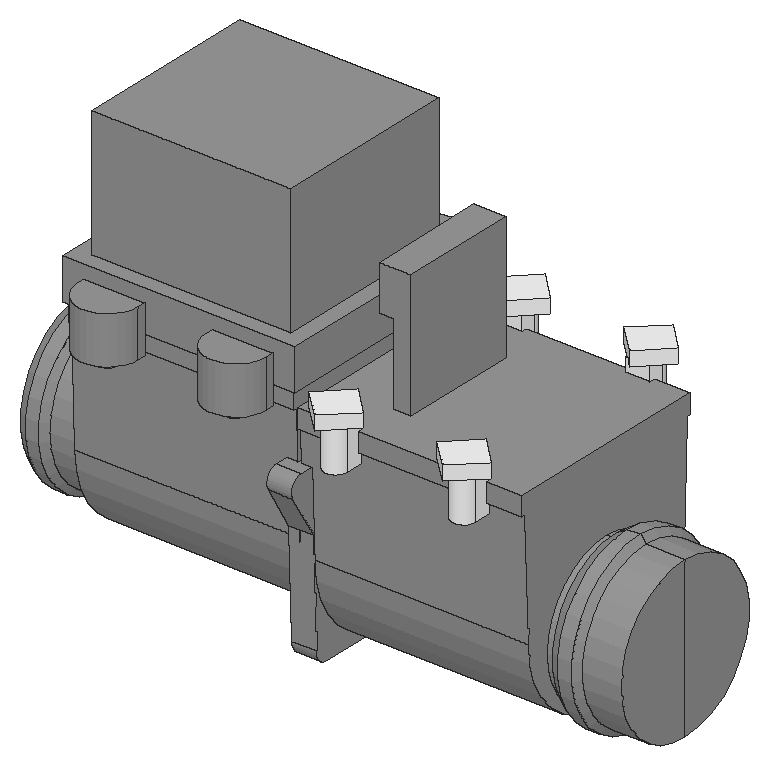
Revit family "HL_Механический канализационный затвор_HL712.2EPC", category Příslušenství trubek, Revit 2016
Family settings
  Typ součásti = Normální
  Kóta kulaté spojky = Použít průměr
  Číslo OmniClass = 23.65.55.14.21
  Nadpis OmniClass = Non-Return Valves for Liquid Services
  Založené na pracovní rovině = Ne
  Vždy vertikální = Ano
  Ořezat dutým tvarem při načtení = Ne
  Sdílené = Ne
Parameters
  РАЗМЕР = "DN125"
  ПРОПУСКНАЯ СПОСОБНОСТЬ [instance] = 0.0 m³/h
  ПРАВОВАЯ ИНФОРМАЦИЯ = "\"Copyright (©), design rights or any other intellectual property rights, shall be the exclusive property of HL Hutterer & Lechner GmbH. Modification is not allowed. Family has been watermarked.\""
  ПАДЕНИЕ ДАВЛЕНИЯ [instance] = 0.0 Pa
  НОМИНАЛЬНЫЙ ДИАМЕТР 2 = 125 mm
  НОМИНАЛЬНЫЙ ДИАМЕТР = 125 mm
  МАТЕРИАЛ = "ABS"
  ВЫСОТА МОНТАЖА = "354 mm"
  ВЕС = "6,189 kg"
  Výrobce = "HL Hutterer & Lechner GmbH"
  URL = "http://www.hutterer-lechner.com/en/products/catalog/roof-drains/HL712.2EPC.aspx"
  Description = "Anti flood valves"
  Model = "HL712.2EPC"
  Type Comments = "anti-flood valve DN125 with electronically controlled flap, additional stainless steel flap and manual blocking. With interface"
  Keynote = "HL712.2EPC"
  EAN = "9003076008483"
  Cena = 0
Types (2, lengths in mm): name | ПРАВОВАЯ ИНФОРМАЦИЯ | URL | Description | Type Comments
  (no name) | "\"Copyright (©), design rights or any other intellectual property rights, shall be the exclusive property of HL Hutterer & Lechner GmbH. Modification is not allowed. Family has been watermarked.\"" | "http://www.hutterer-lechner.com/en/products/catalog/roof-drains/HL712.2EPC.aspx" | "Anti flood valves" | "anti-flood valve DN125 with electronically controlled flap, additional stainless steel flap and manual blocking. With interface"
  HL_Механический канализационный затвор_HL712.2EPC | "\"Авторские права(©), права на дизайн или какие либо другие права интелектуальной собственности являются исключительной собственностью компании HL Hutterer & Lechner. Изменению не подлежит. Файл семейства с данными о прозводителе изделия защищен паролем с водяным знаком.\"" | "http://www.hutterer-lechner.com/ru/products/catalog/roof-drains/HL712.2EPC.aspx" | "Механический канализационный затвор" | "Механический магистральный канализационный затвор DN125 с электроприводной заслонкой, с дополнительной заслонкой из нержавеющей стали и ручным затвором . С возможностью подключения к компьютеру."
Reference planes
  plane 1 "Střed (vpředu/vzadu)": y = 0
  plane 2: z = 0
  plane 3 "Střed (vlevo/vpravo)": x = 0
Forms (mm)
  Sweep 1, solid, material "Plastic - Orange", detail levels fine
    path origin (292.29, 0, 107.38) x (1, 0, 0) y (0, 1, 0)
      loop
        line (94.75, 0) -> (-94.75, 0)
    profile origin (292.29, 0, 107.38) x (0, -1, 0) y (0, 0, 1)
      loop
        line (0, 0) -> (-88.191, 0) -> (-88.191, -16) -> (-85.007, -16) -> (-81.547, -115.07)
        arc (-81.547, -115.07) -> (-58.136, -173.311) -> (0, -196.982) r 80.412
        arc (0, -196.982) -> (58.136, -173.311) -> (81.547, -115.07) r 80.412
        line (81.547, -115.07) -> (85.007, -16) -> (88.191, -16) -> (88.191, 0) -> (0, 0)
  Extrusion 2, solid, material "Plactic - White", detail levels fine
    sketch origin (292.29, 0, 107.38) x (1, 0, 0) y (0, 1, 0)
      loop
        line (54, -121.127) -> (76.627, -98.5) -> (54, -75.873) -> (31.373, -98.5) -> (54, -121.127)
    from 11.235 to 23.235
  Extrusion 3, solid, material "Plactic - White", detail levels fine
    sketch origin (292.29, 0, 118.615) x (0, 1, 0) y (1, 0, 0)
      loop
        arc (-98.5, 64) -> (-108.5, 54) -> (-98.5, 44) r 10
        line (-98.5, 44) -> (-84.694, 44) -> (-84.694, 64) -> (-98.5, 64)
    from 0 to 37.235
  Extrusion 4, solid, material "Plactic - White", detail levels fine
    sketch origin (184.29, 0, 107.38) x (1, 0, 0) y (0, 1, 0)
      loop
        line (54, -121.127) -> (76.627, -98.5) -> (54, -75.873) -> (31.373, -98.5) -> (54, -121.127)
    from 11.235 to 23.235
  Extrusion 5, solid, material "Plactic - White", detail levels fine
    sketch origin (184.29, 0, 118.615) x (0, 1, 0) y (1, 0, 0)
      loop
        arc (-98.5, 64) -> (-108.5, 54) -> (-98.5, 44) r 10
        line (-98.5, 44) -> (-84.694, 44) -> (-84.694, 64) -> (-98.5, 64)
    from 0 to 37.235
  Extrusion 6, solid, material "Plactic - White", detail levels fine
    sketch origin (292.29, 0, 107.38) x (1, 0, 0) y (0, 1, 0)
      loop
        line (54, 121.127) -> (31.373, 98.5) -> (54, 75.873) -> (76.627, 98.5) -> (54, 121.127)
    from 11.235 to 23.235
  Extrusion 7, solid, material "Plactic - White", detail levels fine
    sketch origin (292.29, 0, 118.615) x (0, -1, 0) y (1, 0, 0)
      loop
        arc (-98.5, 64) -> (-108.5, 54) -> (-98.5, 44) r 10
        line (-98.5, 44) -> (-84.694, 44) -> (-84.694, 64) -> (-98.5, 64)
    from 0 to 37.235
  Extrusion 8, solid, material "Plactic - White", detail levels fine
    sketch origin (184.29, 0, 107.38) x (1, 0, 0) y (0, 1, 0)
      loop
        line (54, 121.127) -> (31.373, 98.5) -> (54, 75.873) -> (76.627, 98.5) -> (54, 121.127)
    from 11.235 to 23.235
  Extrusion 9, solid, material "Plactic - White", detail levels fine
    sketch origin (184.29, 0, 118.615) x (0, 1, 0) y (1, 0, 0)
      loop
        line (98.5, 64) -> (84.694, 64) -> (84.694, 44) -> (98.5, 44)
        arc (98.5, 44) -> (108.5, 54) -> (98.5, 64) r 10
    from 0 to 37.235
  Revolve 10, solid, material "Plastic - Orange", not visible, detail levels fine
    sketch origin (296.226, 0, 105.333) x (1, 0, 0) y (0, 0, 1)
      loop
        line (157.469, -128.5) -> (90.814, -128.5) -> (90.814, -191) -> (157.469, -191) -> (157.469, -128.5)
      axis (157.469, -128.5) -> (90.814, -128.5)
    angle from 0 to 360
  Extrusion 11, solid, material "Plastic - Red", detail levels fine
    sketch origin (296.226, 0, 107.38) x (1, 0, 0) y (0, 0, 1)
      loop
        line (-60.186, 106.5) -> (-60.186, 68.5) -> (-47.686, 68.5) -> (-47.686, 0) -> (-33.686, 0) -> (-33.686, 106.5) -> (-60.186, 106.5)
    from -50 to 50
  Sweep 12, solid, material "Plastic - Orange", detail levels fine
    path origin (99.75, 0, 120.38) x (1, 0, 0) y (0, 1, 0)
      loop
        line (94.75, 0) -> (-94.75, 0)
    profile origin (99.75, 0, 120.38) x (0, -1, 0) y (0, 0, 1)
      loop
        line (0, 0) -> (-88.191, 0) -> (-88.191, -16) -> (-85.007, -16) -> (-81.547, -115.07)
        arc (-81.547, -115.07) -> (-58.136, -173.311) -> (0, -196.982) r 80.412
        arc (0, -196.982) -> (58.136, -173.311) -> (81.547, -115.07) r 80.412
        line (81.547, -115.07) -> (85.007, -16) -> (88.191, -16) -> (88.191, 0) -> (0, 0)
  Extrusion 13, solid, material "Plastic - Orange", detail levels fine
    sketch origin (99.75, 0, 131.615) x (0, 1, 0) y (1, 0, 0)
      loop
        arc (-98.5, 64) -> (-108.5, 54) -> (-98.5, 44) r 10
        line (-98.5, 44) -> (-84.694, 44) -> (-84.694, 64) -> (-98.5, 64)
    from 0 to 37.235
  Extrusion 14, solid, material "Plastic - Orange", detail levels fine
    sketch origin (-8.25, 0, 131.615) x (0, 1, 0) y (1, 0, 0)
      loop
        arc (-98.5, 64) -> (-108.5, 54) -> (-98.5, 44) r 10
        line (-98.5, 44) -> (-84.694, 44) -> (-84.694, 64) -> (-98.5, 64)
    from 0 to 37.235
  Extrusion 15, solid, material "Plastic - Orange", detail levels fine
    sketch origin (99.75, 0, 131.615) x (0, 1, 0) y (1, 0, 0)
      loop
        arc (-98.5, 64) -> (-108.5, 54) -> (-98.5, 44) r 10
        line (-98.5, 44) -> (-84.694, 44) -> (-84.694, 64) -> (-98.5, 64)
    from 0 to 37.235
  Revolve 16, solid, material "Plastic - Orange", detail levels fine
    sketch origin (103.686, 0, 113.4) x (1, 0, 0) y (0, 0, 1)
      loop
        line (-156.6, -113.4) -> (-156.6, -180.418) -> (-147.791, -186.042) -> (-136.164, -186.448) -> (-131.953, -180.418) -> (-98.686, -180.418) -> (-98.686, -113.4) -> (-156.6, -113.4)
      axis (-98.686, -113.4) -> (-156.6, -113.4)
    angle from 0 to 360
  Extrusion 17, solid, material "Plastic - Orange", detail levels fine
    sketch origin (99.75, 0, 131.615) x (0, 1, 0) y (1, 0, 0)
      loop
        line (98.5, 64) -> (84.694, 64) -> (84.694, 44) -> (98.5, 44)
        arc (98.5, 44) -> (108.5, 54) -> (98.5, 64) r 10
    from 0 to 37.235
  Extrusion 18, solid, material "Plastic - Orange", detail levels fine
    sketch origin (-8.25, 0, 131.615) x (0, 1, 0) y (1, 0, 0)
      loop
        line (98.5, 64) -> (84.694, 64) -> (84.694, 44) -> (98.5, 44)
        arc (98.5, 44) -> (108.5, 54) -> (98.5, 64) r 10
    from 0 to 37.235
  Extrusion 19, solid, material "Plastic - Orange", detail levels fine
    sketch origin (99.75, 0, 131.615) x (0, 1, 0) y (1, 0, 0)
      loop
        line (98.5, 64) -> (84.694, 64) -> (84.694, 44) -> (98.5, 44)
        arc (98.5, 44) -> (108.5, 54) -> (98.5, 64) r 10
    from 0 to 37.235
  Extrusion 20, solid, material "Plastic - Orange", detail levels fine
    sketch origin (200.477, 0, 120.38) x (0, 1, 0) y (0, 0, 1)
      loop
        line (0, -56.5) -> (-94.75, -56.5)
        arc (-94.75, -56.5) -> (-103.87, -61.797) -> (-103.788, -72.344) r 10.5
        line (-103.788, -72.344) -> (-82.294, -108.697) -> (-79.506, -197.494)
        arc (-79.506, -197.494) -> (-75.99, -205.983) -> (-67.5, -209.5) r 12.006
        line (-67.5, -209.5) -> (0, -209.5) -> (67.5, -209.5)
        arc (67.5, -209.5) -> (75.99, -205.983) -> (79.506, -197.494) r 12.006
        line (79.506, -197.494) -> (82.294, -108.697) -> (103.788, -72.344)
        arc (103.788, -72.344) -> (103.87, -61.797) -> (94.75, -56.5) r 10.5
        line (94.75, -56.5) -> (0, -56.5)
    from -14.769 to 6.071
  Extrusion 21, solid, material "Plastic - Orange", detail levels fine
    sketch origin (194.5, 0, 120.38) x (-1, 0, 0) y (0, -1, 0)
      loop
        line (-3.39, -91.64) -> (191.89, -91.64) -> (191.89, 91.64) -> (-3.39, 91.64) -> (-3.39, -91.64)
    from 0 to 34.5
  Extrusion 22, solid, material "Plastic - Orange", detail levels fine
    sketch origin (194.5, 0, 154.88) x (-1, 0, 0) y (0, -1, 0)
      loop
        line (10.356, -77.894) -> (178.144, -77.894) -> (178.144, 77.894) -> (10.356, 77.894) -> (10.356, -77.894)
    from 0 to 108.5
  Extrusion 23, solid, material "Plastic - Orange", detail levels fine
    sketch origin (178.184, 0, 154.88) x (1, 0, 0) y (0, 1, 0)
      loop
        line (1.456, -91.64) -> (-49.324, -91.64) -> (-49.324, -98.5)
        arc (-49.324, -98.5) -> (-23.934, -123.89) -> (1.456, -98.5) r 25.39
        line (1.456, -98.5) -> (1.456, -91.64)
    from -51 to -11
  Extrusion 24, solid, material "Plastic - Orange", detail levels fine
    sketch origin (178.184, 0, 154.88) x (1, 0, 0) y (0, 1, 0)
      loop
        line (-106.544, -91.64) -> (-157.324, -91.64) -> (-157.324, -98.5)
        arc (-157.324, -98.5) -> (-131.934, -123.89) -> (-106.544, -98.5) r 25.39
        line (-106.544, -98.5) -> (-106.544, -91.64)
    from -51 to -11
  Extrusion 25, solid, material "Plastic - Orange", detail levels fine
    sketch origin (178.184, 0, 154.88) x (1, 0, 0) y (0, 1, 0)
      loop
        line (1.456, 91.64) -> (1.456, 98.5)
        arc (1.456, 98.5) -> (-23.934, 123.89) -> (-49.324, 98.5) r 25.39
        line (-49.324, 98.5) -> (-49.324, 91.64) -> (1.456, 91.64)
    from -51 to -11
  Extrusion 26, solid, material "Plastic - Orange", detail levels fine
    sketch origin (178.184, 0, 154.88) x (1, 0, 0) y (0, 1, 0)
      loop
        line (-106.544, 91.64) -> (-106.544, 98.5)
        arc (-106.544, 98.5) -> (-131.934, 123.89) -> (-157.324, 98.5) r 25.39
        line (-157.324, 98.5) -> (-157.324, 91.64) -> (-106.544, 91.64)
    from -51 to -11
  Revolve 27, solid, material "Plastic - Orange", detail levels fine
    sketch origin (552.381, 0, 90.233) x (1, 0, 0) y (0, 0, 1)
      loop
        line (-165.341, -113.4) -> (-165.341, -175.9) -> (-156.6, -175.9) -> (-156.6, -180.418) -> (-147.791, -186.042) -> (-136.164, -186.448) -> (-131.953, -180.418) -> (-98.686, -180.418) -> (-98.686, -113.4) -> (-165.341, -113.4)
      axis (-98.686, -113.4) -> (-165.341, -113.4)
    angle from 0 to 360
Lines and regions (mm)
  model lines, style "Symbol", detail levels coarse+medium
    curve 1: line (0, 0, 0) -> (453.695, 0, -23.04)
    curve 2: line (351.847, 0, -71.52) -> (351.847, 0, 48.48)
    curve 3: line (351.847, 0, 48.48) -> (101.847, 0, 48.48)
    curve 4: line (101.847, 0, -71.52) -> (101.847, 0, 48.48)
    curve 13: line (351.847, 0, -71.52) -> (101.847, 0, -71.52)
  symbolic lines, style "Symbol", detail levels coarse+medium
    curve 5: line (453.695, 0, 0) -> (0, 0, 0)
    curve 6: line (351.847, -60, 0) -> (351.847, 60, 0)
    curve 7: line (351.847, 60, 0) -> (101.847, 60, 0)
    curve 8: line (101.847, -60, 0) -> (101.847, 60, 0)
    curve 9: line (226.847, -105, 0) -> (226.847, 105, 0)
    curve 10: line (351.847, -60, 0) -> (101.847, -60, 0)
  model lines, detail levels coarse+medium
    curve 11: line (226.847, 0, -11.52) -> (226.847, 0, 93.48)
    curve 12: line (226.847, 0, -116.52) -> (226.847, 0, -11.52)
Dimensions and locks
  aligned and locked: level to plane 2
Connectors
  piping at (0, 0, 0), diameter 125, driven by "ПАДЕНИЕ ДАВЛЕНИЯ", driven by "НОМИНАЛЬНЫЙ ДИАМЕТР", driven by "ПРОПУСКНАЯ СПОСОБНОСТЬ"
    settings: on plane 3 "Střed (vlevo/vpravo)", index 1, connector inside diameter 609.6 mm, connector length 0 mm, flow factor 0, pipe flow 0.0 m³/h, pressure drop 0.0 Pa, fitting loss kfactor 0, connector angle 0.00°, fixture units 0, engagement length 0 mm, angle of deflection 0.00°, flow configuration 0, flow direction 0, fitting loss method 4, system type 16, joint type 0, gender type 0, connector reference index -1, connector utility 0, adjustable connector no, is connector primary yes, connector description ""
  piping at (453.695, 0, -23.167), diameter 125, driven by "НОМИНАЛЬНЫЙ ДИАМЕТР 2", driven by "ПРОПУСКНАЯ СПОСОБНОСТЬ"
    settings: on Revolve 10, index 2, connector inside diameter 609.6 mm, connector length 0 mm, flow factor 0, pipe flow 0.0 m³/h, pressure drop 0.0 Pa, fitting loss kfactor 0, connector angle 0.00°, fixture units 0, engagement length 0 mm, angle of deflection 0.00°, flow configuration 1, flow direction 2, fitting loss method 4, system type 16, joint type 0, gender type 0, connector reference index -1, connector utility 0, adjustable connector no, is connector primary no, connector description ""
